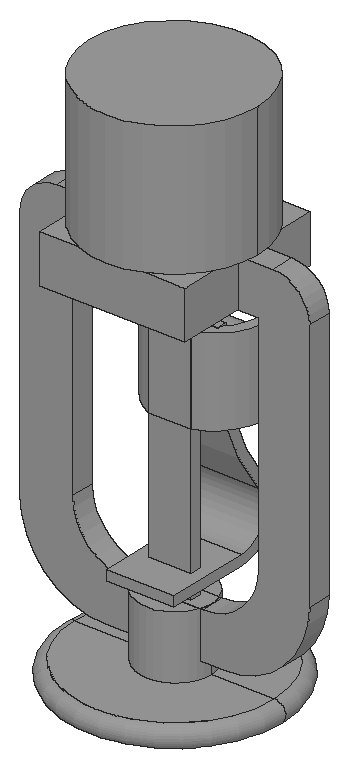
Revit family
Parameters (values of type "RASCO G PENDENT")
  Temperature Rating = 286 °F
  Response = (empty or 0)
  RASCO SIN # = "R1015"
  RASCO Part # = "GP3B"
  Pressure Rating = "175 PSI"
  Pressure Class = (empty or 0)
  Orifice Size = 1/2"
  Orifice = (empty or 0)
  Model = "G"
  Manufacturer = "RASCO"
  K-Factor = 5.62
  Description = "Bronze Finish"
  Coverage = (empty or 0)
Reference planes (in)
  plane 1 "Center (Front/Back)": y = 0
  plane 2: z = 0
  plane 3 "Center (Left/Right)": x = 0
Dimensions and locks (in)
  aligned and locked: plane 2 to level
Nested families (in)
  nested 1: "GP3B" at (-0.0055, -0.11819, 2.875) x (-1, 0, 0) z (0, 0, -1), type "RASCO G PENDENT"
Connectors (in)
  piping at (-0.0055, -0.11819, 2.875)
    settings: on nested 1, index 1, connector radius 0.45", flow factor 0, pipe flow 0 GPM, pressure drop 0.00 psi, fitting loss kfactor 0, connector angle 0.00°, fixture units 0, flow configuration 0, flow direction 0, fitting loss method 0, system type 7, connector reference index -1, connector utility 0, adjustable connector no, is connector primary yes, fitting loss table "", connector description ""
Definition of nested family "GP3B"
  Parameters (values of type "RASCO G PENDENT")
    Type Comments = ""
    Temperature Rating = 0 °F
    Response = (empty or 0)
    Pressure Rating = "0"
    Pressure Class = (empty or 0)
    Orifice Size = 0"
    Orifice = (empty or 0)
    Model = ""
    Manufacturer = ""
    K-Factor = 0
    Description = ""
    Coverage = (empty or 0)
    Assembly Code = ""
  Reference planes (in)
    plane 1 "Center (Front/Back)": y = 0
    plane 2: z = 0
    plane 3 "ref.2": z = 0.6875
    plane 4 "ref.3": z = 0.9375
    plane 5: x = -0.38065
    plane 6: x = 0.36935
    plane 7 "ref. side 1": y = 0.06402
    plane 8 "ref. side 2": y = -0.06098
    plane 9 "ref.4": z = 1.875
    plane 10 "ref.5": z = 2.875
    plane 11 "center": x = -0.00574
  Forms (in)
    Extrusion 1, solid, material "Default"
      sketch origin (0, 0, 0) x (1, 0, 0) y (0, 1, 0)
        loop
          circle (0, 0) r 0.438
      from 0 to 0.6875
    Extrusion 2, solid, material "Default"
      sketch origin (-0.12185, 0.05177, 0.6875) x (1, 0, 0) y (0, 1, 0)
        loop
          line (-0.2588, 0.356) -> (-0.2588, -0.4565) -> (0.4912, -0.4565) -> (0.4912, 0.356) -> (-0.2588, 0.356)
      from 0 to 0.25
    Extrusion 3, solid, material "Default"
      sketch origin (0, 0, 0) x (1, 0, 0) y (0, 0, 1)
        loop
          line (-0.49248, 0.9375) -> (-0.49248, 2.10276)
          arc (-0.49248, 2.10276) -> (-0.40724, 2.30855) -> (-0.20145, 2.39379) r 0.29103
          line (-0.20145, 2.39379) -> (0.18108, 2.39379)
          arc (0.18108, 2.39379) -> (0.38905, 2.30765) -> (0.47519, 2.09969) r 0.29411
          line (0.47519, 2.09969) -> (0.47519, 0.9375) -> (0.36935, 0.9375) -> (0.36935, 0.6875) -> (0.55741, 0.6875)
          arc (0.55741, 0.6875) -> (0.69165, 0.7431) -> (0.74725, 0.87734) r 0.18984
          line (0.74725, 0.87734) -> (0.74725, 2.19113)
          arc (0.74725, 2.19113) -> (0.61669, 2.50631) -> (0.3015, 2.63687) r 0.44574
          line (0.3015, 2.63687) -> (-0.30719, 2.63687)
          arc (-0.30719, 2.63687) -> (-0.62225, 2.50637) -> (-0.75275, 2.19131) r 0.44556
          line (-0.75275, 2.19131) -> (-0.75275, 0.87876)
          arc (-0.75275, 0.87876) -> (-0.69673, 0.74352) -> (-0.56149, 0.6875) r 0.19126
          line (-0.56149, 0.6875) -> (-0.38065, 0.6875) -> (-0.38065, 0.9375) -> (-0.49248, 0.9375)
      from -0.06402 to 0.06098
    Extrusion 4, solid, material "Default"
      sketch origin (-0.00199, 0, 2.4375) x (-1, 0, 0) y (0, -1, 0)
        loop
          circle (0.00574, -0.00152) r 0.1875
      from -0.04371 to 0.4375
    Revolve 5, solid, material "Default"
      sketch origin (-0.0011, 0, 0.30638) x (1, 0, 0) y (0, 0, 1)
        loop
          line (-0.00574, 2.41507) -> (-0.00574, 2.52719) -> (-0.52401, 2.52719)
          arc (-0.52401, 2.52719) -> (-0.58007, 2.47113) -> (-0.52401, 2.41507) r 0.05606
          line (-0.52401, 2.41507) -> (-0.00574, 2.41507)
        axis (-0.00574, 2.41507) -> (-0.00574, 2.52719)
      angle from 0 to 360
    Extrusion 6, solid, material "Default"
      sketch origin (0, 0, 0.9375) x (-1, 0, 0) y (0, -1, 0)
        loop
          line (-0.10175, -0.02852) -> (0.11324, -0.02852) -> (0.11324, 0.03101) -> (-0.10175, 0.03101) -> (-0.10175, -0.02852)
      from 0 to 1.45629
    Extrusion 7, solid, material "Default"
      sketch origin (-0.00574, -0.0095, -0.07537) x (0, 0, -1) y (0, -1, 0)
        loop
          line (-2.39379, 0.21198) -> (-2.39379, -0.229)
          arc (-2.39379, -0.229) -> (-2.26956, -0.41579) -> (-2.04926, -0.37342) r 0.20254
          arc (-2.04926, -0.37342) -> (-1.6599, -0.16721) -> (-1.22163, -0.12207) r 1.15319
          line (-1.22163, -0.12207) -> (-1.22163, -0.07087)
          arc (-1.22163, -0.07087) -> (-1.6782, -0.11947) -> (-2.0834, -0.33544) r 1.20419
          arc (-2.0834, -0.33544) -> (-2.24878, -0.36919) -> (-2.34279, -0.229) r 0.15154
          line (-2.34279, -0.229) -> (-2.34279, 0.21198) -> (-2.39379, 0.21198)
      from -0.17255 to 0.17398
    Extrusion 8, solid, material "Default"
      sketch origin (0, 0, 0) x (1, 0, 0) y (0, 1, 0)
        loop
          arc (0.23993, 0.23051) -> (0.19768, 0.11115) -> (0.10175, 0.02852) r 0.24647
          line (0.10175, 0.02852) -> (-0.11324, 0.02852)
          arc (-0.11324, 0.02852) -> (-0.21767, 0.12447) -> (-0.25194, 0.2621) r 0.24647
          line (-0.25194, 0.2621) -> (-0.25194, 0.40777) -> (-0.30719, 0.40777) -> (-0.30719, 0.25942)
          arc (-0.30719, 0.25942) -> (-0.25653, 0.08328) -> (-0.11324, -0.03101) r 0.30157
          line (-0.11324, -0.03101) -> (0.10175, -0.03101)
          arc (0.10175, -0.03101) -> (0.24461, 0.08262) -> (0.29574, 0.25785) r 0.30157
          line (0.29574, 0.25785) -> (0.29574, 0.40777) -> (0.23993, 0.40777) -> (0.23993, 0.23051)
      from 1.14626 to 1.59756
    Extrusion 9, solid, material "Default"
      sketch origin (-0.00574, -0.0095, -0.07537) x (0, 0, -1) y (0, -1, 0)
        loop
          circle (-1.44728, -0.26892) r 0.13147
      from -0.24568 to 0.24619
  Cuts and joins
    joined: Extrusion 1, Extrusion 2, Revolve 5
  Dimensions and locks (in)
    plane 10 "ref.5" to level = 2.875"
